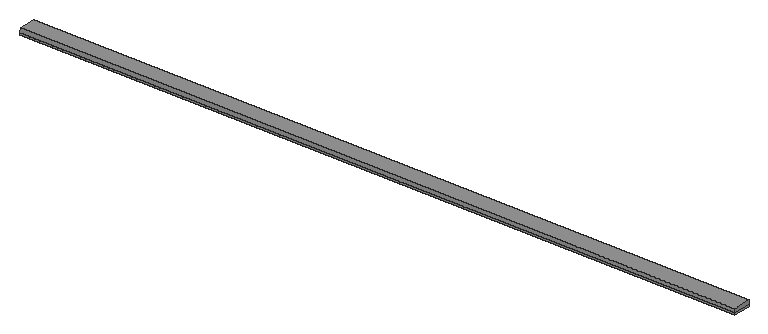
Revit family "0068128", category Lighting Fixtures, host Face, Revit 2017
Family settings
  Host = Face
  Round Connector Dimension = Use Diameter
  Part Type = Normal
  OmniClass Number = 23.80.70.00
  OmniClass Title = Lighting
  Cut with Voids When Loaded = No
  Light Source = Yes
  Shared = No
  Room Calculation Point = No
Parameters (values of type "0068128 START FLEX IP65 840 2750LM - 500 mm")
  Width_SYL = if(IP20HO_SYL, 10 mm, if(IP65_SYL, 12 mm, if(IP65HO_SYL, 10 mm, if(IP67_SYL, 10 mm, if(IP20RGB_SYL, 8 mm, if(IP20RGBW_SYL, 12 mm, if(IP67RGB_SYL, 12 mm, if(IP67RGBW_SYL, 14 mm, 8 mm))))))))  # 12 mm
  Weight = "2.0 kg"
  Wattage Comments = ""
  Wattage = 24 W
  WarrantyStartDate [instance] = "n/a"
  WarrantyGuarantorParts = "n/a"
  WarrantyDurationUnit = "n/a"
  WarrantyDurationParts = "n/a"
  WarrantyDescription = "n/a"
  built-in parameter 1150110 = 1 (stored number, unit not read)
  Voltage = 24 V
  URL = "http://www.sylvania-lighting.com"
  TypeName = "START Flex IP65 840 2750lm - 500 mm"
  Type Image = <None>
  Type Comments = "n/a"
  built-in parameter 1114217 = 1 (stored number, unit not read)
  Tilt Angle = -90.00°
  built-in parameter 1150109 = 1 (stored number, unit not read)
  built-in parameter 1150134 = 12
  built-in parameter 1150113 = 1 (stored number, unit not read)
  StartCapWidth_SYL = if(IP20HO_SYL, 2 mm, if(IP65_SYL, 14 mm, if(IP65HO_SYL, 12 mm, if(IP67_SYL, 17.5 mm, if(IP20RGB_SYL, 2 mm, if(IP20RGBW_SYL, 2 mm, if(IP67RGB_SYL, 14 mm, if(IP67RGBW_SYL, 16 mm, 2 mm))))))))  # 14 mm
  StartCapVisible_SYL [instance] = no
  StartCapLength_SYL = if(IP20HO_SYL, 2 mm, if(IP65_SYL, 10 mm, if(IP65HO_SYL, 15 mm, if(IP67_SYL, 35 mm, if(IP20RGB_SYL, 2 mm, if(IP20RGBW_SYL, 2 mm, if(IP67RGB_SYL, 12 mm, if(IP67RGBW_SYL, 12 mm, 2 mm))))))))  # 10 mm
  StartCapHeight_SYL = if(IP20HO_SYL, 2 mm, if(IP65_SYL, 6 mm, if(IP65HO_SYL, 6 mm, if(IP67_SYL, 9.5 mm, if(IP20RGB_SYL, 2 mm, if(IP20RGBW_SYL, 2 mm, if(IP67RGB_SYL, 7 mm, if(IP67RGBW_SYL, 7 mm, 2 mm))))))))  # 6 mm
  SerialNumber [instance] = "n/a"
  SealingVisibility_SYL = yes
  IP67_SYL = no
  IP67RGB_SYL = no
  IP67RGBW_SYL = no
  IP65_SYL = yes
  IP65HO_SYL = no
  IP20RGB_SYL = no
  IP20RGBW_SYL = no
  IP20HO_SYL = no
  HeightWithSealing_SYL = if(IP20HO_SYL, 2 mm, if(IP65_SYL, 4 mm, if(IP65HO_SYL, 4 mm, if(IP67_SYL, 6 mm, if(IP20RGB_SYL, 2 mm, if(IP20RGBW_SYL, 2 mm, if(IP67RGB_SYL, 5 mm, if(IP67RGBW_SYL, 5 mm, 2 mm))))))))  # 4 mm
  Photometric Web File = "0068128.ies"
  Material_3_SYL = ABS Plastic
  PowerFactor = 0
  PowerConsumption = "24 W"
  NominalLength = 5000 mm
  NominalHeight = 4 mm
  NominalDepth = 10 mm
  Name = "START Flex IP65 840 2750lm - 500 mm"
  ModelReference = Name  # "START Flex IP65 840 2750lm - 500 mm"
  ModelNumber = "0068128"
  Model = Name  # "START Flex IP65 840 2750lm - 500 mm"
  Material = "other housing, silicone diffuser"
  ManufacturerName = "Feilo Sylvania"
  Manufacturer = "Feilo Sylvania"
  LuminousEfficacy = "115 lm/W"
  built-in parameter 1150105 = 938.56 (stored number, unit not read)
  Lumens = 2760 lm
  LuminaireType = ""
  built-in parameter 1150115 = 1 (stored number, unit not read)
  LightOutputRatio = "n/a"
  built-in parameter 1150137 = (empty or 0)
  built-in parameter 1150139 = (empty or 0)
  Length_SYL = 500 mm
  LampsType = Lamp  # "LED"
  LampNominalLuminous = "2750 lm"
  LampMacAdamStep = "3"
  LampColourTemperature = "4000 K"
  LampColourRenderingIndex = "80"
  built-in parameter 1150112 = 1 (stored number, unit not read)
  built-in parameter 1150114 = 1 (stored number, unit not read)
  Lamp = "LED"
  Keynote = "16500"
  InstallationDate [instance] = "n/a"
  InputVoltage = "24V DC"
  InputNominalFrequency = "n/a"
  built-in parameter 1150132 = (empty or 0)
  built-in parameter 1150102 = (empty or 0)
  built-in parameter 1150107 = 4000 (stored number, unit not read)
  built-in parameter 1150138 = (empty or 0)
  IngressProtection = "IP65"
  ImpactProtectionIndex = "IK00"
  built-in parameter 1150106 = 9.3856 (stored number, unit not read)
  IfcExportType = "IfcLightFixtureType"
  IfcExportAs = "IfcLightFixtureType"
  EndCapWidth_SYL = if(IP20HO_SYL, 2 mm, if(IP65_SYL, 14 mm, if(IP65HO_SYL, 12 mm, if(IP67_SYL, 17.5 mm, if(IP20RGB_SYL, 2 mm, if(IP20RGBW_SYL, 2 mm, if(IP67RGB_SYL, 14 mm, if(IP67RGBW_SYL, 16 mm, 2 mm))))))))  # 14 mm
  EndCapVisible_SYL [instance] = no
  EndCapLength_SYL = if(IP20HO_SYL, 2 mm, if(IP65_SYL, 10 mm, if(IP65HO_SYL, 10 mm, if(IP67_SYL, 15 mm, if(IP20RGB_SYL, 2 mm, if(IP20RGBW_SYL, 2 mm, if(IP67RGB_SYL, 10 mm, if(IP67RGBW_SYL, 10 mm, 2 mm))))))))  # 10 mm
  EndCapHeight_SYL = if(IP20HO_SYL, 2 mm, if(IP65_SYL, 6 mm, if(IP65HO_SYL, 6 mm, if(IP67_SYL, 9.5 mm, if(IP20RGB_SYL, 2 mm, if(IP20RGBW_SYL, 2 mm, if(IP67RGB_SYL, 7 mm, if(IP67RGBW_SYL, 7 mm, 2 mm))))))))  # 6 mm
  EmitSurfaceOffset_SYL = 1 mm  # constant formula
  EmitSurfaceHeight_SYL = if(IP20HO_SYL, 1.2 mm, if(IP65_SYL, 4 mm, if(IP65HO_SYL, 4 mm, if(IP67_SYL, 6 mm, if(IP20RGB_SYL, 1.2 mm, if(IP20RGBW_SYL, 1.2 mm, if(IP67RGB_SYL, 5 mm, if(IP67RGBW_SYL, 5 mm, 1.2 mm))))))))  # 4 mm
  built-in parameter 1150127 = if(IP20HO_SYL, 3.5 mm, if(IP65_SYL, 12 mm, if(IP65HO_SYL, 10 mm, if(IP67_SYL, 10 mm, if(IP20RGB_SYL, 5 mm, if(IP20RGBW_SYL, 5 mm, if(IP67RGB_SYL, 12 mm, if(IP67RGBW_SYL, 14 mm, 3.5 mm))))))))  # 12 mm
  Emit from Rectangle Length = Length_SYL - 2 * EmitSurfaceOffset_SYL  # 498 mm
  Emit Shape Visible in Rendering = no
  ElectricShockClassification = "Class III"
  built-in parameter 1150104 = 10.684 (stored number, unit not read)
  DocumentationLiterature = "http://www.sylvania-lighting.com/product/en-int/products/0068128"
  DimmingControlOptions = "n/a"
  Material_2_SYL = LED
  Dimming Lamp Color Temperature Shift = <None>
  Description = "5 metre IP65 LED reel with pre-attached 3M adhesive type;  equipped with 300 LEDs; 2750lm per 5m (550lm per 1m); 24V; 4000K; CRI80; SDCM <3; 50000 hrs (L70)"
  Default Elevation = 1219.2 mm
  CreatedOn = "9/11/2019"
  CreatedBy = "@sylvania-lighting.com"
  Cost = 0
  Color Filter = 16777215
  built-in parameter 1114216 [instance] = (empty or 0)
  ClassificationValue = "EF_70_80"
  ClassificationName = "Uniclass2015"
  Material_1_SYL = Aluminum
  BarCode [instance] = "n/a"
  Emit from Rectangle Width = 304.8 mm
  built-in parameter 1150133 = 10 (stored number, unit not read)
  AssetType = "Fixed"
  AssetIdentifier [instance] = "n/a"
  Assembly Code = "D5020200"
  Apparent Load = 24 VA
  Material_4_SYL = Polycarbonate, Clear
Types (4, lengths in mm): name | TypeName | StartCapVisible_SYL | Name | ModelReference | Model | Length_SYL | EndCapVisible_SYL | Emit from Rectangle Length
  0068128 START FLEX IP65 840 2750LM - 500 mm | "START Flex IP65 840 2750lm - 500 mm" | no | "START Flex IP65 840 2750lm - 500 mm" | "START Flex IP65 840 2750lm - 500 mm" | "START Flex IP65 840 2750lm - 500 mm" | 500 | no | 498
  0068128 START FLEX IP65 840 2750LM - 100 mm | "START Flex IP65 840 2750lm - 100 mm" | no | "START Flex IP65 840 2750lm - 100 mm" | "START Flex IP65 840 2750lm - 100 mm" | "START Flex IP65 840 2750lm - 100 mm" | 100 | no | 98
  0068128 START FLEX IP65 840 2750LM - 50 mm | "START Flex IP65 840 2750lm - 50 mm" | yes | "START Flex IP65 840 2750lm - 50 mm" | "START Flex IP65 840 2750lm - 50 mm" | "START Flex IP65 840 2750lm - 50 mm" | 50 | yes | 48
  0068128 START FLEX IP65 840 2750LM - 10 mm | "START Flex IP65 840 2750lm - 10 mm" | yes | "START Flex IP65 840 2750lm - 10 mm" | "START Flex IP65 840 2750lm - 10 mm" | "START Flex IP65 840 2750lm - 10 mm" | 10 | yes | 8
Reference planes
  plane 1 "Center (Front/Back)": y = 0
  plane 2: z = 0
  plane 3 "Center (Left/Right)": x = 0
  plane 4: y = 6
  plane 5: y = -6
  plane 6: z = 1.2
  plane 7: x = 500
  plane 8: x = 250
  plane 9: x = 1
  plane 10: x = 499
  plane 11: y = 1.8
  plane 12: y = -1.8
  plane 13: y = 7
  plane 14: y = -7
  plane 15: x = -10
  plane 16: x = 510
  plane 17: y = 7
  plane 18: y = -7
  plane 19: z = 4
  plane 20: z = 4
  plane 21: z = 2
  plane 22: z = -1
  plane 23: z = 5
  plane 24: z = 5
  plane 25: z = -1
Forms (mm)
  Extrusion 1, solid, material "Aluminum" <- "Material_1_SYL"
    sketch origin (0, 0, 0) x (0, 1, 0) y (0, 0, 1)
      loop
        line (-6, 1.2) -> (-6, 0) -> (6, 0) -> (6, 1.2) -> (-6, 1.2)
    from 0 to 500
  Extrusion 2, solid, material "Polycarbonate, Clear" <- "Material_4_SYL", visible <- "SealingVisibility_SYL"
    sketch origin (0, 0, 0) x (0, 1, 0) y (0, 0, 1)
      loop
        line (-6, 1.2) -> (6, 1.2) -> (6, 4) -> (-6, 4) -> (-6, 1.2)
    from 0 to 500
  Extrusion 3, solid, visible <- "StartCapVisible_SYL"
    sketch origin (0, 0, 0) x (0, 1, 0) y (0, 0, 1)
      loop
        line (-7, -1) -> (7, -1) -> (7, 5) -> (-7, 5) -> (-7, -1)
    from 0 to -10
  Extrusion 4, solid, visible <- "EndCapVisible_SYL"
    sketch origin (500, 1524, 1219.2) x (0, 1, 0) y (0, 0, 1)
      loop
        line (-1517, -1220.2) -> (-1517, -1214.2) -> (-1531, -1214.2) -> (-1531, -1220.2) -> (-1517, -1220.2)
    from 0 to 10
Lines and regions (mm)
  Split face 1
    outline origin (0, -6, 1.2) x (0, 1, 0) y (-1, 0, 0)
      loop
        line (7.8, -1) -> (4.2, -1) -> (4.2, -499) -> (7.8, -499) -> (7.8, -1)
  reference lines
    curve 1: line (1, 1.8, 0) -> (499, 1.8, 0)
    curve 2: line (1, -1.8, 0) -> (1, 1.8, 0)
    curve 3: line (499, -1.8, 0) -> (1, -1.8, 0)
    curve 4: line (499, 1.8, 0) -> (499, -1.8, 0)
Dimensions and locks
  equal spacing: plane 5, plane 1 "Center (Front/Back)", plane 4
  "Width_SYL": plane 5 to plane 4
  "Length_SYL": plane 3 "Center (Left/Right)" to plane 7
  "EmitSurfaceOffset_SYL": plane 3 "Center (Left/Right)" to plane 9
  equal spacing: plane 9, plane 8, plane 10
  "EmitSurfaceOffset_SYL": plane 10 to plane 7
  equal spacing: plane 12, plane 1 "Center (Front/Back)", plane 11
  locked: plane 12 to plane 11 at 3.6
  equal spacing: plane 14, plane 1 "Center (Front/Back)", plane 13
  "StartCapWidth_SYL": plane 14 to plane 13
  "StartCapLength_SYL": plane 15 to plane 3 "Center (Left/Right)"
  equal spacing: plane 18, plane 1 "Center (Front/Back)", plane 17
  "EndCapWidth_SYL": plane 18 to plane 17
  "EndCapLength_SYL": plane 7 to plane 16
  "EmitSurfaceHeight_SYL": plane 19 to plane 2
  "HeightWithSealing_SYL": host face to plane 20
  equal spacing: plane 2, plane 21, plane 19
  equal spacing: plane 22, plane 21, plane 23
  "EndCapHeight_SYL": plane 22 to plane 23
  equal spacing: plane 25, plane 21, plane 24
  "StartCapHeight_SYL": plane 25 to plane 24
  aligned and locked: plane 2 to host face
  aligned and locked: level to host face
  aligned and locked: plane 6 to Extrusion 1 sketch curve
  aligned and locked: Extrusion 1 sketch curve to plane 5
  aligned and locked: level to Extrusion 1 sketch curve
  aligned and locked: plane 4 to Extrusion 1 sketch curve
  aligned and locked: plane 7 to Extrusion 1
  aligned and locked: imposter light to plane 1 "Center (Front/Back)"
  aligned and locked: plane 8 to imposter light
  aligned and locked: plane 11 to curve 1
  aligned and locked: plane 9 to curve 2
  aligned and locked: curve 3 to plane 12
  aligned and locked: curve 4 to plane 10
  aligned and locked: Split face 1 sketch curve to curve 1
  aligned and locked: Split face 1 sketch curve to curve 4
  aligned and locked: Split face 1 sketch curve to curve 3
  aligned and locked: Split face 1 sketch curve to curve 2
  aligned and locked: imposter light to plane 19
  aligned and locked: Extrusion 2 sketch curve to Extrusion 1  (x2)
  aligned and locked: Extrusion 2 sketch curve to plane 20
  aligned and locked: Extrusion 2 sketch curve to plane 4
  aligned and locked: Extrusion 2 to plane 3 "Center (Left/Right)"
  aligned and locked: plane 7 to Extrusion 2
  aligned and locked: plane 22 to Extrusion 3 sketch curve
  aligned and locked: plane 14 to Extrusion 3 sketch curve
  aligned and locked: Extrusion 3 sketch curve to plane 23
  aligned and locked: Extrusion 3 sketch curve to plane 13
  aligned and locked: Extrusion 3 to plane 15
  aligned and locked: plane 3 "Center (Left/Right)" to Extrusion 3
  aligned and locked: plane 13 to Extrusion 4 sketch curve
  aligned and locked: plane 23 to Extrusion 4 sketch curve
  aligned and locked: Extrusion 4 sketch curve to plane 18
  aligned and locked: Extrusion 4 sketch curve to plane 25
  aligned and locked: plane 16 to Extrusion 4
  aligned and locked: Extrusion 4 to plane 7
Automatic sketch dimensions
  host sketch curve to host sketch curve = 600 mm
  host sketch curve to host sketch curve = 100 mm
Connectors
  electrical at (0, 0, 0.6), driven by "Voltage", driven by "Apparent Load", driven by "PowerFactor"
    settings: on Extrusion 1, index 1, voltage 24 V, apparent load 24 VA, apparent load phase1 0 VA, apparent load phase2 0 VA, apparent load phase3 0 VA, power factor 0, load classification "Other", number of poles 1, system type 30, power factor state 1, is connector primary yes, connector utility no, sub classification motor no, connector description ""
